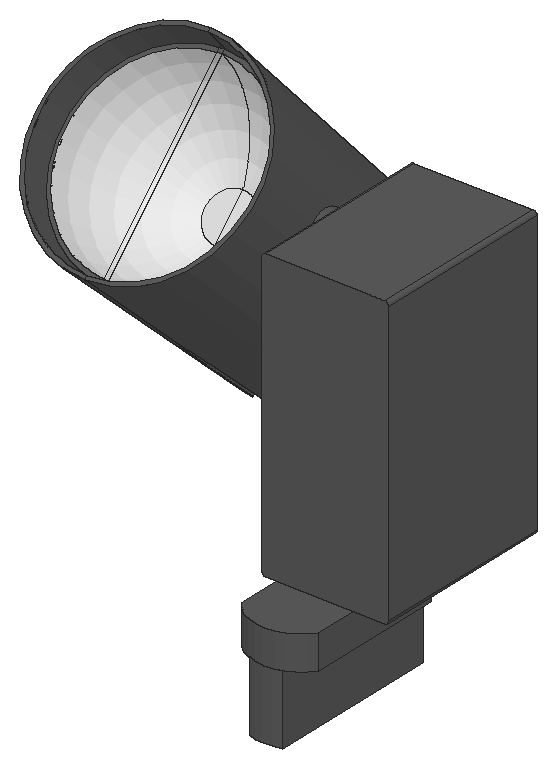
Revit family "0004900 Feilo Sylvania Lighting Fixture START TRACK SPOT S 24W 4K RA90 WB BLACK", category Lighting Fixtures, host Face, Revit 2017
Family settings
  Host = Face
  Round Connector Dimension = Use Diameter
  Part Type = Normal
  OmniClass Number = 23.80.70.00
  OmniClass Title = Lighting
  Cut with Voids When Loaded = No
  Light Source = No
  Shared = No
  Room Calculation Point = No
Parameters (values of type "0004900 START TRACK SPOT S 24W 4K RA90 WB BLACK")
  Weight = "0.966 kg"
  Wattage Comments = ""
  WarrantyStartDate [instance] = "n/a"
  WarrantyGuarantorParts = "n/a"
  WarrantyDurationUnit = "n/a"
  WarrantyDurationParts = "n/a"
  WarrantyDescription = "n/a"
  Voltage = 230 V
  URL = "http://www.sylvania-lighting.com"
  TypeName = "START TRACK SPOT S 24W 4K RA90 WB BLACK"
  TypeHead_FEILO = Start Track Spot Head : 0004900 START TRACK SPOT S 24W 4K RA90 WB BLACK
  TypeBox_FEILO = Start Track Spot Box : Type Small Black
  Type Image = <None>
  Type Comments = "n/a"
  VerticalRotation_FEILO [instance] = 0.00°
  SlideEndAngle_FEILO [instance] = VerticalRotation_FEILO + 180.00°  # 180.00°
  SerialNumber [instance] = "n/a"
  Material_3_FEILO = none
  PowerFactor = 0.95
  PowerConsumption = "24 W"
  NominalLength = 0 mm
  NominalHeight = 200 mm
  NominalDepth = 140 mm
  Name = "START TRACK SPOT S 24W 4K RA90 WB BLACK"
  ModelReference = Name  # "START TRACK SPOT S 24W 4K RA90 WB BLACK"
  ModelNumber = "0004900"
  Model = Name  # "START TRACK SPOT S 24W 4K RA90 WB BLACK"
  Material = "adc12 aluminium housing, polycarbonate diffuser"
  ManufacturerName = "Feilo Sylvania"
  Manufacturer = "Feilo Sylvania"
  LuminousEfficacy = "87 lm/W"
  LuminaireType = ""
  LightOutputRatio = "100"
  LampsType = Lamp  # "LED"
  LampNominalLuminous = "2087 lm"
  LampMacAdamStep = "3"
  LampColourTemperature = "4000 K"
  LampColourRenderingIndex = "90"
  Lamp = "LED"
  Keynote = "16500"
  InstallationDate [instance] = "n/a"
  InputVoltage = "230-240V~"
  InputNominalFrequency = "50/60 Hz"
  IngressProtection = "IP20"
  ImpactProtectionIndex = "IK02"
  IfcExportType = "IfcLightFixtureType"
  IfcExportAs = "IfcLightFixtureType"
  HorizontalRotation_FEILO [instance] = 45.00°
  ExpectedLife = 50000
  ElectricShockClassification = "Class II"
  DurationUnit = "hours"
  DocumentationLiterature = "http://www.sylvania-lighting.com/product/en-int/products/0004900"
  DimmingControlOptions = "Non dimmable"
  Material_2_FEILO = none
  Description = "Integrated LED spotlight, Textured Black - RAL9005, compact and minimalist design, ideal for retail applications, die-cast aluminium body, passive cooling heatsink. Beam angle: 64°, color temperature: 4000K , total system power: 24W, total fixture output: 2087 lm, LOR: 100%, colour rendering: Ra: 90 typical, LED Chromaticity: 3 step MacAdam ellipse, lifetime: >50000 hours at L70B50, energy class: A++, A+, A, IR/UV free light source without heat radiation, operating voltage: 220-240V / 50-60Hz, drive current: 600mA, electronic driver, non-dimmable, power factor: 0.95, electrical protection: Class II, Global Track 3 Phase adapter suitable for Global trac 3-circuit tracks, ingress protection rating: IP20, suitable for internal environment only, horizontal rotation: 355°, vertical tilt: 90°, dimensions: Ø86x140x200, weight: 0.966kg."
  Default Elevation = 1219.2 mm
  CreatedOn = "12/12/2017"
  CreatedBy = ""
  Cost = 0
  built-in parameter 1114216 [instance] = (empty or 0)
  ClassificationValue = "EF_70_80"
  ClassificationName = "Uniclass2015"
  Material_1_FEILO = Body-Sylvania-StartTrackSpot-Black
  BarCode [instance] = "n/a"
  AssetType = "Fixed"
  AssetIdentifier [instance] = "n/a"
  Assembly Code = "D5020200"
  Apparent Load = 24 VA
  Material_4_FEILO = none
Reference planes
  plane 1 "Center (Front/Back)": y = 0
  plane 2: z = 0
  plane 3 "Center (Left/Right)": x = 0
  plane 4: x = 15
  plane 5: x = -15
  plane 6: y = 35
  plane 7: y = -35
  plane 8: z = 13
  plane 9: z = -27
  plane 10: x = 6.5
  plane 11: x = -6.5
  plane 12: y = 27
  plane 13: y = -27
  plane 14: y = 20
Forms (mm)
  Extrusion 1, solid, material "Body-Sylvania-StartTrackSpot-Black" <- "Material_1_FEILO"
    sketch origin (0, 0, 0) x (1, 0, 0) y (0, 1, 0)
      loop
        line (-15, 27) -> (-15, -27)
        arc (-15, -27) -> (0, -35) -> (15, -27) r 18.062
        line (15, -27) -> (15, 27)
        arc (15, 27) -> (0, 35) -> (-15, 27) r 18.062
    from 0 to 13
  Extrusion 2, solid, material "Body-Sylvania-StartTrackSpot-Black" <- "Material_1_FEILO"
    sketch origin (0, 0, 0) x (1, 0, 0) y (0, 1, 0)
      loop
        arc (6.5, 33.79) -> (0, 35) -> (-6.5, 33.79) r 18.062
        line (-6.5, 33.79) -> (-6.5, -33.79)
        arc (-6.5, -33.79) -> (0, -35) -> (6.5, -33.79) r 18.062
        line (6.5, -33.79) -> (6.5, 33.79)
    from 0 to -27
  Revolve 3, solid, not visible
    sketch origin (1524, 20, 1219.2) x (1, 0, 0) y (0, 0, 1)
      loop
        line (-1524, -1206.2) -> (-1524, -1191.285) -> (-1530.5, -1191.285) -> (-1530.5, -1206.2) -> (-1524, -1206.2)
      axis (-1524, -1191.285) -> (-1524, -1206.2)
    angle from 0 <- "VerticalRotation_FEILO" to 180 <- "SlideEndAngle_FEILO"
Cuts and joins
  joined: Extrusion 1, Extrusion 2
Dimensions and locks
  equal spacing: plane 10, plane 3 "Center (Left/Right)", plane 11
  equal spacing: plane 4, plane 3 "Center (Left/Right)", plane 5
  locked: plane 8 to plane 2 at 13
  locked: plane 8 to plane 9 at 40
  equal spacing: plane 13, plane 1 "Center (Front/Back)", plane 12
  locked: plane 12 to plane 6 at 8
  locked: plane 14 to plane 6 at 15
  locked: Revolve 3 sketch curve to plane 8 at 14.915
  aligned and locked: plane 2 to host face
  aligned and locked: level to host face
  aligned and locked: plane 5 to Extrusion 1 sketch curve  (x2)
  aligned and locked: plane 12 to Extrusion 1 sketch curve
  aligned and locked: plane 13 to Extrusion 1 sketch curve
  aligned and locked: plane 4 to Extrusion 1 sketch curve
  aligned and locked: Extrusion 1 to plane 8
  aligned and locked: Extrusion 1 to level
  aligned and locked: Extrusion 2 sketch curve to Extrusion 1  (x2)
  aligned and locked: Extrusion 2 sketch curve to plane 11
  aligned and locked: plane 10 to Extrusion 2 sketch curve
  aligned and locked: plane 9 to Extrusion 2
  aligned and locked: level to Extrusion 2
  aligned and locked: Revolve 3 sketch curve to plane 3 "Center (Left/Right)"  (x2)
  aligned and locked: plane 11 to Revolve 3 sketch curve
  aligned and locked: Revolve 3 sketch curve to plane 8
Automatic sketch dimensions
  host sketch curve to host sketch curve = 2438.4 mm  (x2)
  Extrusion 1 sketch curve to plane 3 "Center (Left/Right)" = 0 mm  (x2)
  Extrusion 1 sketch curve to plane 13 = 10.062 mm
  plane 12 to Extrusion 1 sketch curve = 10.062 mm
  Revolve 3 sketch curve to plane 3 "Center (Left/Right)" = 0 mm
  plane 9 to Revolve 3 sketch curve = 582.6 mm
  Revolve 3 sketch curve to Revolve 3 sketch curve = 2581.144 mm
Nested families
  nested 1: "Start Track Spot Head" at (-62, 20, 112.529) x (0, 0.7071, 0.7071) z (0, 0.7071, -0.7071), type <- "TypeHead_FEILO", type "0004900 START TRACK SPOT S 24W 4K RA90 WB BLACK"
    with built-in parameter 1114216 (empty or 0)
  nested 2: "Start Track Spot Box" at (8.5, 20, 73) x (-1, 0, 0) z (0, -1, 0), BoxStartAngle_FEILO <- "HorizontalRotation_FEILO", type <- "TypeBox_FEILO", type "Type Small Black"
    with BoxStartAngle_FEILO 45.00°, BoxEndAngle_FEILO -135.00°
Connectors
  electrical at (0, 0, 0), driven by "Apparent Load", driven by "PowerFactor", driven by "Voltage"
    settings: index 1, voltage 230 V, apparent load 24 VA, apparent load phase1 0 VA, apparent load phase2 0 VA, apparent load phase3 0 VA, power factor 0.95, load classification "Lighting", number of poles 1, system type 30, power factor state 1, is connector primary yes, connector utility no, sub classification motor no, connector description ""
Definition of nested family "Start Track Spot Head"
  Parameters (values of type "0004811 START TRACK SPOT S 14W 3K RA80 NB WHITE")
    Wattage Comments = "n/a"
    Wattage = 14 W
    built-in parameter 1150110 = 1 (stored number, unit not read)
    URL = "http://www.feilosylvania.com"
    Type Image = (empty or 0)
    Type Comments = "n/a"
    built-in parameter 1114217 = 1 (stored number, unit not read)
    Tilt Angle = -90.00°
    built-in parameter 1150109 = 1 (stored number, unit not read)
    built-in parameter 1150134 = (empty or 0)
    built-in parameter 1150113 = 1 (stored number, unit not read)
    Photometric Web File = "0004811.ies"
    Material_3_FEILO = none
    Model = "START TRACK SPOT S 14W 3K RA80 NB WHITE"
    Manufacturer = "Feilo Sylvania"
    built-in parameter 1150105 = 123.66 (stored number, unit not read)
    Lumens = 1554 lm
    built-in parameter 1150115 = 1 (stored number, unit not read)
    built-in parameter 1150137 = (empty or 0)
    built-in parameter 1150139 = (empty or 0)
    built-in parameter 1150112 = 1 (stored number, unit not read)
    built-in parameter 1150114 = 1 (stored number, unit not read)
    Lamp = "LED"
    Keynote = "16500"
    Material_2_FEILO = none
    built-in parameter 1150132 = (empty or 0)
    built-in parameter 1150102 = (empty or 0)
    built-in parameter 1150107 = 3000 (stored number, unit not read)
    built-in parameter 1150138 = (empty or 0)
    built-in parameter 1150106 = 1.2366 (stored number, unit not read)
    HeadThickness_FEILO = if(HeadDiaOut_FEILO > 112 mm, 2 mm, 1.5 mm)  # 1.5 mm
    HeadRibOffset_FEILO = HeadHeight_FEILO / 28  # 4.179 mm
    HeadRibDepth_FEILO = HeadHeight_FEILO / 2.1  # 55.714 mm
    HeadRibCutWidth_FEILO = HeadDiaOut_FEILO / 12  # 7.167 mm
    HeadRibCutOffset_FEILO = HeadHeight_FEILO / 2.3  # 50.87 mm
    HeadReflectorRadius_FEILO = HeadDiaOut_FEILO / 1.7  # 50.588 mm
    HeadReflectorOffset_FEILO = HeadHeight_FEILO / 2.1  # 55.714 mm
    HeadLEDRadius_FEILO = HeadDiaOut_FEILO / 9  # 9.556 mm
    HeadHeight_FEILO = 117 mm
    HeadDraft_FEILO = 1 mm
    HeadDiffusorThickness_FEILO = 3 mm
    HeadDiffusorOffset_FEILO = HeadHeight_FEILO / 12.4  # 9.435 mm
    HeadDiaOut_FEILO = 86 mm
    HeadDiaIn_FEILO = HeadDiaOut_FEILO / 1.11  # 77.477 mm
    HeadAxisFromTop_FEILO = HeadHeight_FEILO / 1.687  # 69.354 mm
    Emit from Circle Diameter = HeadDiaIn_FEILO  # 77.477 mm
    Emit Shape Visible in Rendering = no
    built-in parameter 1150104 = 10.312 (stored number, unit not read)
    Dimming Lamp Color Temperature Shift = (empty or 0)
    Description = "Integrated LED spotlight, Textured White - RAL9016, compact and minimalist design, ideal for retail applications, die-cast aluminium body, passive cooling heatsink. Beam angle: 12°, color temperature: 3000K , total system power: 14W, total fixture output: 1551 lm, LOR: 100%, colour rendering: Ra: 80 typical, LED Chromaticity: 3 step MacAdam ellipse, lifetime: >50000 hours at L70B50, energy class: A++, A+, A, IR/UV free light source without heat radiation, operating voltage: 220-240V / 50-60Hz, drive current: 350mA, electronic driver, non-dimmable, power factor: 0.92, electrical protection: Class II, Global Track 3 Phase adapter suitable for Global trac 3-circuit tracks, ingress protection rating: IP20, suitable for internal environment only, horizontal rotation: 355°, vertical tilt: 90°, dimensions: Ø86x140x200, weight: 0.940kg."
    Default Elevation = 1219.2 mm
    Cost = 0
    Color Filter = 16777215
    built-in parameter 1114216 [instance] = (empty or 0)
    Material_1_FEILO = none
    built-in parameter 1114218 = 1 (stored number, unit not read)
    built-in parameter 1150133 = 10 (stored number, unit not read)
    Assembly Code = "D5020200"
    Apparent Load = 14 VA
    Material_4_FEILO = none
  Types (96, lengths in mm): name | Wattage | built-in parameter 1150134 | Photometric Web File | Model | built-in parameter 1150105 | Lumens | built-in parameter 1150107 | built-in parameter 1150106 | HeadThickness_FEILO | HeadRibOffset_FEILO | HeadRibDepth_FEILO | HeadRibCutWidth_FEILO | HeadRibCutOffset_FEILO | HeadReflectorRadius_FEILO | HeadReflectorOffset_FEILO | HeadLEDRadius_FEILO | HeadHeight_FEILO | HeadDiffusorOffset_FEILO | HeadDiaOut_FEILO | HeadDiaIn_FEILO | HeadAxisFromTop_FEILO | Emit from Circle Diameter | built-in parameter 1150104 | Description | Apparent Load
    0004906 START TRACK SPOT L 55W 4K RA90 WB BLACK | 55 W | 12 | "0004906.ies" | "START TRACK SPOT L 55W 4K RA90 WB BLACK" | 385.15 (stored number, unit not read) | 4840 lm | 4000 (stored number, unit not read) | 3.8515 (stored number, unit not read) | 2 | 4.429 | 59.048 | 9.417 | 53.913 | 66.471 | 59.048 | 12.556 | 124 | 10 | 113 | 101.802 | 73.503 | 101.802 | 8.1755 (stored number, unit not read) | "Integrated LED spotlight, Textured Black - RAL9005, compact and minimalist design, ideal for retail applications, die-cast aluminium body, passive cooling heatsink. Beam angle: 52°, color temperature: 4000K , total system power: 55W, total fixture output: 4824 lm, LOR: 100%, colour rendering: Ra: 90 typical, LED Chromaticity: 3 step MacAdam ellipse, lifetime: >50000 hours at L70B50, energy class: A++, A+, A, IR/UV free light source without heat radiation, operating voltage: 220-240V / 50-60Hz, drive current: 1400mA, electronic driver, non-dimmable, power factor: 0.96, electrical protection: Class II, Global Track 3 Phase adapter suitable for Global trac 3-circuit tracks, ingress protection rating: IP20, suitable for internal environment only, horizontal rotation: 355°, vertical tilt: 90°, dimensions: Ø113x164x240, weight: 1.398kg." | 55 VA
    0004905 START TRACK SPOT L 55W 4K RA90 MB BLACK | 55 W | 12 | "0004905.ies" | "START TRACK SPOT L 55W 4K RA90 MB BLACK" | 389.53 (stored number, unit not read) | 4895 lm | 4000 (stored number, unit not read) | 3.8953 (stored number, unit not read) | 2 | 4.429 | 59.048 | 9.417 | 53.913 | 66.471 | 59.048 | 12.556 | 124 | 10 | 113 | 101.802 | 73.503 | 101.802 | 8.2684 (stored number, unit not read) | "Integrated LED spotlight, Textured Black - RAL9005, compact and minimalist design, ideal for retail applications, die-cast aluminium body, passive cooling heatsink. Beam angle: 38°, color temperature: 4000K , total system power: 55W, total fixture output: 4897 lm, LOR: 100%, colour rendering: Ra: 90 typical, LED Chromaticity: 3 step MacAdam ellipse, lifetime: >50000 hours at L70B50, energy class: A++, A+, A, IR/UV free light source without heat radiation, operating voltage: 220-240V / 50-60Hz, drive current: 1400mA, electronic driver, non-dimmable, power factor: 0.96, electrical protection: Class II, Global Track 3 Phase adapter suitable for Global trac 3-circuit tracks, ingress protection rating: IP20, suitable for internal environment only, horizontal rotation: 355°, vertical tilt: 90°, dimensions: Ø113x164x240, weight: 1.398kg." | 55 VA
    0004904 START TRACK SPOT L 55W 4K RA90 NB BLACK | 55 W | 12 | "0004904.ies" | "START TRACK SPOT L 55W 4K RA90 NB BLACK" | 393.91 (stored number, unit not read) | 4950 lm | 4000 (stored number, unit not read) | 3.9391 (stored number, unit not read) | 2 | 4.429 | 59.048 | 9.417 | 53.913 | 66.471 | 59.048 | 12.556 | 124 | 10 | 113 | 101.802 | 73.503 | 101.802 | 8.3613 (stored number, unit not read) | "Integrated LED spotlight, Textured Black - RAL9005, compact and minimalist design, ideal for retail applications, die-cast aluminium body, passive cooling heatsink. Beam angle: 15°, color temperature: 4000K , total system power: 55W, total fixture output: 4965 lm, LOR: 100%, colour rendering: Ra: 90 typical, LED Chromaticity: 3 step MacAdam ellipse, lifetime: >50000 hours at L70B50, energy class: A++, A+, A, IR/UV free light source without heat radiation, operating voltage: 220-240V / 50-60Hz, drive current: 1400mA, electronic driver, non-dimmable, power factor: 0.96, electrical protection: Class II, Global Track 3 Phase adapter suitable for Global trac 3-circuit tracks, ingress protection rating: IP20, suitable for internal environment only, horizontal rotation: 355°, vertical tilt: 90°, dimensions: Ø113x164x240, weight: 1.398kg." | 55 VA
    0004903 START TRACK SPOT L 35W 4K RA90 WB BLACK | 35 W | 12 | "0004903.ies" | "START TRACK SPOT L 35W 4K RA90 WB BLACK" | 284.09 (stored number, unit not read) | 3570 lm | 4000 (stored number, unit not read) | 2.8409 (stored number, unit not read) | 2 | 4.429 | 59.048 | 9.417 | 53.913 | 66.471 | 59.048 | 12.556 | 124 | 10 | 113 | 101.802 | 73.503 | 101.802 | 9.4761 (stored number, unit not read) | "Integrated LED spotlight, Textured Black - RAL9005, compact and minimalist design, ideal for retail applications, die-cast aluminium body, passive cooling heatsink. Beam angle: 52°, color temperature: 4000K , total system power: 35W, total fixture output: 3562 lm, LOR: 100%, colour rendering: Ra: 90 typical, LED Chromaticity: 3 step MacAdam ellipse, lifetime: >50000 hours at L70B50, energy class: A++, A+, A, IR/UV free light source without heat radiation, operating voltage: 220-240V / 50-60Hz, drive current: 900mA, electronic driver, non-dimmable, power factor: 0.93, electrical protection: Class II, Global Track 3 Phase adapter suitable for Global trac 3-circuit tracks, ingress protection rating: IP20, suitable for internal environment only, horizontal rotation: 355°, vertical tilt: 90°, dimensions: Ø113x164x240, weight: 1.368kg." | 35 VA
    0004902 START TRACK SPOT L 35W 4K RA90 MB BLACK | 35 W | 12 | "0004902.ies" | "START TRACK SPOT L 35W 4K RA90 MB BLACK" | 286.88 (stored number, unit not read) | 3605 lm | 4000 (stored number, unit not read) | 2.8688 (stored number, unit not read) | 2 | 4.429 | 59.048 | 9.417 | 53.913 | 66.471 | 59.048 | 12.556 | 124 | 10 | 113 | 101.802 | 73.503 | 101.802 | 9.569 (stored number, unit not read) | "Integrated LED spotlight, Textured Black - RAL9005, compact and minimalist design, ideal for retail applications, die-cast aluminium body, passive cooling heatsink. Beam angle: 38°, color temperature: 4000K , total system power: 35W, total fixture output: 3616 lm, LOR: 100%, colour rendering: Ra: 90 typical, LED Chromaticity: 3 step MacAdam ellipse, lifetime: >50000 hours at L70B50, energy class: A++, A+, A, IR/UV free light source without heat radiation, operating voltage: 220-240V / 50-60Hz, drive current: 900mA, electronic driver, non-dimmable, power factor: 0.93, electrical protection: Class II, Global Track 3 Phase adapter suitable for Global trac 3-circuit tracks, ingress protection rating: IP20, suitable for internal environment only, horizontal rotation: 355°, vertical tilt: 90°, dimensions: Ø113x164x240, weight: 1.368kg." | 35 VA
    0004901 START TRACK SPOT L 35W 4K RA90 NB BLACK | 35 W | 12 | "0004901.ies" | "START TRACK SPOT L 35W 4K RA90 NB BLACK" | 286.88 (stored number, unit not read) | 3605 lm | 4000 (stored number, unit not read) | 2.8688 (stored number, unit not read) | 2 | 4.429 | 59.048 | 9.417 | 53.913 | 66.471 | 59.048 | 12.556 | 124 | 10 | 113 | 101.802 | 73.503 | 101.802 | 9.569 (stored number, unit not read) | "Integrated LED spotlight, Textured Black - RAL9005, compact and minimalist design, ideal for retail applications, die-cast aluminium body, passive cooling heatsink. Beam angle: 15°, color temperature: 4000K , total system power: 35W, total fixture output: 3593 lm, LOR: 100%, colour rendering: Ra: 90 typical, LED Chromaticity: 3 step MacAdam ellipse, lifetime: >50000 hours at L70B50, energy class: A++, A+, A, IR/UV free light source without heat radiation, operating voltage: 220-240V / 50-60Hz, drive current: 900mA, electronic driver, non-dimmable, power factor: 0.93, electrical protection: Class II, Global Track 3 Phase adapter suitable for Global trac 3-circuit tracks, ingress protection rating: IP20, suitable for internal environment only, horizontal rotation: 355°, vertical tilt: 90°, dimensions: Ø113x164x240, weight: 1.368kg." | 35 VA
    0004900 START TRACK SPOT S 24W 4K RA90 WB BLACK | 24 W | 12 | "0004900.ies" | "START TRACK SPOT S 24W 4K RA90 WB BLACK" | 166.16 (stored number, unit not read) | 2088 lm | 4000 (stored number, unit not read) | 1.6616 (stored number, unit not read) | 1.5 | 4.179 | 55.714 | 7.167 | 50.87 | 50.588 | 55.714 | 9.556 | 117 | 9.435 | 86 | 77.477 | 69.354 | 77.477 | 8.0826 (stored number, unit not read) | "Integrated LED spotlight, Textured Black - RAL9005, compact and minimalist design, ideal for retail applications, die-cast aluminium body, passive cooling heatsink. Beam angle: 64°, color temperature: 4000K , total system power: 24W, total fixture output: 2087 lm, LOR: 100%, colour rendering: Ra: 90 typical, LED Chromaticity: 3 step MacAdam ellipse, lifetime: >50000 hours at L70B50, energy class: A++, A+, A, IR/UV free light source without heat radiation, operating voltage: 220-240V / 50-60Hz, drive current: 600mA, electronic driver, non-dimmable, power factor: 0.95, electrical protection: Class II, Global Track 3 Phase adapter suitable for Global trac 3-circuit tracks, ingress protection rating: IP20, suitable for internal environment only, horizontal rotation: 355°, vertical tilt: 90°, dimensions: Ø86x140x200, weight: 0.966kg." | 24 VA
    0004899 START TRACK SPOT S 24W 4K RA90 MB BLACK | 24 W | 12 | "0004899.ies" | "START TRACK SPOT S 24W 4K RA90 MB BLACK" | 169.98 (stored number, unit not read) | 2136 lm | 4000 (stored number, unit not read) | 1.6998 (stored number, unit not read) | 1.5 | 4.179 | 55.714 | 7.167 | 50.87 | 50.588 | 55.714 | 9.556 | 117 | 9.435 | 86 | 77.477 | 69.354 | 77.477 | 8.2684 (stored number, unit not read) | "Integrated LED spotlight, Textured Black - RAL9005, compact and minimalist design, ideal for retail applications, die-cast aluminium body, passive cooling heatsink. Beam angle: 36°, color temperature: 4000K , total system power: 24W, total fixture output: 2141 lm, LOR: 100%, colour rendering: Ra: 90 typical, LED Chromaticity: 3 step MacAdam ellipse, lifetime: >50000 hours at L70B50, energy class: A++, A+, A, IR/UV free light source without heat radiation, operating voltage: 220-240V / 50-60Hz, drive current: 600mA, electronic driver, non-dimmable, power factor: 0.95, electrical protection: Class II, Global Track 3 Phase adapter suitable for Global trac 3-circuit tracks, ingress protection rating: IP20, suitable for internal environment only, horizontal rotation: 355°, vertical tilt: 90°, dimensions: Ø86x140x200, weight: 0.966kg." | 24 VA
    0004898 START TRACK SPOT S 24W 4K RA90 NB BLACK | 24 W | 12 | "0004898.ies" | "START TRACK SPOT S 24W 4K RA90 NB BLACK" | 171.89 (stored number, unit not read) | 2160 lm | 4000 (stored number, unit not read) | 1.7189 (stored number, unit not read) | 1.5 | 4.179 | 55.714 | 7.167 | 50.87 | 50.588 | 55.714 | 9.556 | 117 | 9.435 | 86 | 77.477 | 69.354 | 77.477 | 8.3613 (stored number, unit not read) | "Integrated LED spotlight, Textured Black - RAL9005, compact and minimalist design, ideal for retail applications, die-cast aluminium body, passive cooling heatsink. Beam angle: 12°, color temperature: 4000K , total system power: 24W, total fixture output: 2155 lm, LOR: 100%, colour rendering: Ra: 90 typical, LED Chromaticity: 3 step MacAdam ellipse, lifetime: >50000 hours at L70B50, energy class: A++, A+, A, IR/UV free light source without heat radiation, operating voltage: 220-240V / 50-60Hz, drive current: 600mA, electronic driver, non-dimmable, power factor: 0.95, electrical protection: Class II, Global Track 3 Phase adapter suitable for Global trac 3-circuit tracks, ingress protection rating: IP20, suitable for internal environment only, horizontal rotation: 355°, vertical tilt: 90°, dimensions: Ø86x140x200, weight: 0.966kg." | 24 VA
    0004897 START TRACK SPOT S 14W 4K RA90 WB BLACK | 14 W | 12 | "0004897.ies" | "START TRACK SPOT S 14W 4K RA90 WB BLACK" | 108.07 (stored number, unit not read) | 1358 lm | 4000 (stored number, unit not read) | 1.0807 (stored number, unit not read) | 1.5 | 4.179 | 55.714 | 7.167 | 50.87 | 50.588 | 55.714 | 9.556 | 117 | 9.435 | 86 | 77.477 | 69.354 | 77.477 | 9.0116 (stored number, unit not read) | "Integrated LED spotlight, Textured Black - RAL9005, compact and minimalist design, ideal for retail applications, die-cast aluminium body, passive cooling heatsink. Beam angle: 64°, color temperature: 4000K , total system power: 14W, total fixture output: 1352 lm, LOR: 100%, colour rendering: Ra: 90 typical, LED Chromaticity: 3 step MacAdam ellipse, lifetime: >50000 hours at L70B50, energy class: A++, A+, A, IR/UV free light source without heat radiation, operating voltage: 220-240V / 50-60Hz, drive current: 350mA, electronic driver, non-dimmable, power factor: 0.92, electrical protection: Class II, Global Track 3 Phase adapter suitable for Global trac 3-circuit tracks, ingress protection rating: IP20, suitable for internal environment only, horizontal rotation: 355°, vertical tilt: 90°, dimensions: Ø86x140x200, weight: 0.940kg." | 14 VA
    0004896 START TRACK SPOT S 14W 4K RA90 MB BLACK | 14 W | 12 | "0004896.ies" | "START TRACK SPOT S 14W 4K RA90 MB BLACK" | 108.07 (stored number, unit not read) | 1358 lm | 4000 (stored number, unit not read) | 1.0807 (stored number, unit not read) | 1.5 | 4.179 | 55.714 | 7.167 | 50.87 | 50.588 | 55.714 | 9.556 | 117 | 9.435 | 86 | 77.477 | 69.354 | 77.477 | 9.0116 (stored number, unit not read) | "Integrated LED spotlight, Textured Black - RAL9005, compact and minimalist design, ideal for retail applications, die-cast aluminium body, passive cooling heatsink. Beam angle: 36°, color temperature: 4000K , total system power: 14W, total fixture output: 1359 lm, LOR: 100%, colour rendering: Ra: 90 typical, LED Chromaticity: 3 step MacAdam ellipse, lifetime: >50000 hours at L70B50, energy class: A++, A+, A, IR/UV free light source without heat radiation, operating voltage: 220-240V / 50-60Hz, drive current: 350mA, electronic driver, non-dimmable, power factor: 0.92, electrical protection: Class II, Global Track 3 Phase adapter suitable for Global trac 3-circuit tracks, ingress protection rating: IP20, suitable for internal environment only, horizontal rotation: 355°, vertical tilt: 90°, dimensions: Ø86x140x200, weight: 0.940kg." | 14 VA
    0004895 START TRACK SPOT S 14W 4K RA90 NB BLACK | 14 W | 12 | "0004895.ies" | "START TRACK SPOT S 14W 4K RA90 NB BLACK" | 106.95 (stored number, unit not read) | 1344 lm | 4000 (stored number, unit not read) | 1.0695 (stored number, unit not read) | 1.5 | 4.179 | 55.714 | 7.167 | 50.87 | 50.588 | 55.714 | 9.556 | 117 | 9.435 | 86 | 77.477 | 69.354 | 77.477 | 8.9187 (stored number, unit not read) | "Integrated LED spotlight, Textured Black - RAL9005, compact and minimalist design, ideal for retail applications, die-cast aluminium body, passive cooling heatsink. Beam angle: 12°, color temperature: 4000K , total system power: 14W, total fixture output: 1349 lm, LOR: 100%, colour rendering: Ra: 90 typical, LED Chromaticity: 3 step MacAdam ellipse, lifetime: >50000 hours at L70B50, energy class: A++, A+, A, IR/UV free light source without heat radiation, operating voltage: 220-240V / 50-60Hz, drive current: 350mA, electronic driver, non-dimmable, power factor: 0.92, electrical protection: Class II, Global Track 3 Phase adapter suitable for Global trac 3-circuit tracks, ingress protection rating: IP20, suitable for internal environment only, horizontal rotation: 355°, vertical tilt: 90°, dimensions: Ø86x140x200, weight: 0.940kg." | 14 VA
    0004894 START TRACK SPOT L 55W 3K RA90 WB BLACK | 55 W | (empty or 0) | "0004894.ies" | "START TRACK SPOT L 55W 3K RA90 WB BLACK" | 350.14 (stored number, unit not read) | 4400 lm | 3000 (stored number, unit not read) | 3.5014 (stored number, unit not read) | 2 | 4.429 | 59.048 | 9.417 | 53.913 | 66.471 | 59.048 | 12.556 | 124 | 10 | 113 | 101.802 | 73.503 | 101.802 | 7.4322 (stored number, unit not read) | "Integrated LED spotlight, Textured Black - RAL9005, compact and minimalist design, ideal for retail applications, die-cast aluminium body, passive cooling heatsink. Beam angle: 52°, color temperature: 3000K , total system power: 55W, total fixture output: 4405 lm, LOR: 100%, colour rendering: Ra: 90 typical, LED Chromaticity: 3 step MacAdam ellipse, lifetime: >50000 hours at L70B50, energy class: A++, A+, A, IR/UV free light source without heat radiation, operating voltage: 220-240V / 50-60Hz, drive current: 1400mA, electronic driver, non-dimmable, power factor: 0.96, electrical protection: Class II, Global Track 3 Phase adapter suitable for Global trac 3-circuit tracks, ingress protection rating: IP20, suitable for internal environment only, horizontal rotation: 355°, vertical tilt: 90°, dimensions: Ø113x164x240, weight: 1.398kg." | 55 VA
    0004893 START TRACK SPOT L 55W 3K RA90 MB BLACK | 55 W | (empty or 0) | "0004893.ies" | "START TRACK SPOT L 55W 3K RA90 MB BLACK" | 354.52 (stored number, unit not read) | 4455 lm | 3000 (stored number, unit not read) | 3.5452 (stored number, unit not read) | 2 | 4.429 | 59.048 | 9.417 | 53.913 | 66.471 | 59.048 | 12.556 | 124 | 10 | 113 | 101.802 | 73.503 | 101.802 | 7.5251 (stored number, unit not read) | "Integrated LED spotlight, Textured Black - RAL9005, compact and minimalist design, ideal for retail applications, die-cast aluminium body, passive cooling heatsink. Beam angle: 38°, color temperature: 3000K , total system power: 55W, total fixture output: 4448 lm, LOR: 100%, colour rendering: Ra: 90 typical, LED Chromaticity: 3 step MacAdam ellipse, lifetime: >50000 hours at L70B50, energy class: A++, A+, A, IR/UV free light source without heat radiation, operating voltage: 220-240V / 50-60Hz, drive current: 1400mA, electronic driver, non-dimmable, power factor: 0.96, electrical protection: Class II, Global Track 3 Phase adapter suitable for Global trac 3-circuit tracks, ingress protection rating: IP20, suitable for internal environment only, horizontal rotation: 355°, vertical tilt: 90°, dimensions: Ø113x164x240, weight: 1.398kg." | 55 VA
    0004892 START TRACK SPOT L 55W 3K RA90 NB BLACK | 55 W | (empty or 0) | "0004892.ies" | "START TRACK SPOT L 55W 3K RA90 NB BLACK" | 350.14 (stored number, unit not read) | 4400 lm | 3000 (stored number, unit not read) | 3.5014 (stored number, unit not read) | 2 | 4.429 | 59.048 | 9.417 | 53.913 | 66.471 | 59.048 | 12.556 | 124 | 10 | 113 | 101.802 | 73.503 | 101.802 | 7.4322 (stored number, unit not read) | "Integrated LED spotlight, Textured Black - RAL9005, compact and minimalist design, ideal for retail applications, die-cast aluminium body, passive cooling heatsink. Beam angle: 15°, color temperature: 3000K , total system power: 55W, total fixture output: 4416 lm, LOR: 100%, colour rendering: Ra: 90 typical, LED Chromaticity: 3 step MacAdam ellipse, lifetime: >50000 hours at L70B50, energy class: A++, A+, A, IR/UV free light source without heat radiation, operating voltage: 220-240V / 50-60Hz, drive current: 1400mA, electronic driver, non-dimmable, power factor: 0.96, electrical protection: Class II, Global Track 3 Phase adapter suitable for Global trac 3-circuit tracks, ingress protection rating: IP20, suitable for internal environment only, horizontal rotation: 355°, vertical tilt: 90°, dimensions: Ø113x164x240, weight: 1.398kg." | 55 VA
    0004891 START TRACK SPOT L 35W 3K RA90 WB BLACK | 35 W | (empty or 0) | "0004891.ies" | "START TRACK SPOT L 35W 3K RA90 WB BLACK" | 259.02 (stored number, unit not read) | 3255 lm | 3000 (stored number, unit not read) | 2.5902 (stored number, unit not read) | 2 | 4.429 | 59.048 | 9.417 | 53.913 | 66.471 | 59.048 | 12.556 | 124 | 10 | 113 | 101.802 | 73.503 | 101.802 | 8.64 (stored number, unit not read) | "Integrated LED spotlight, Textured Black - RAL9005, compact and minimalist design, ideal for retail applications, die-cast aluminium body, passive cooling heatsink. Beam angle: 52°, color temperature: 3000K , total system power: 35W, total fixture output: 3260 lm, LOR: 100%, colour rendering: Ra: 90 typical, LED Chromaticity: 3 step MacAdam ellipse, lifetime: >50000 hours at L70B50, energy class: A++, A+, A, IR/UV free light source without heat radiation, operating voltage: 220-240V / 50-60Hz, drive current: 900mA, electronic driver, non-dimmable, power factor: 0.93, electrical protection: Class II, Global Track 3 Phase adapter suitable for Global trac 3-circuit tracks, ingress protection rating: IP20, suitable for internal environment only, horizontal rotation: 355°, vertical tilt: 90°, dimensions: Ø113x164x240, weight: 1.368kg." | 35 VA
    0004890 START TRACK SPOT L 35W 3K RA90 MB BLACK | 35 W | (empty or 0) | "0004890.ies" | "START TRACK SPOT L 35W 3K RA90 MB BLACK" | 261.81 (stored number, unit not read) | 3290 lm | 3000 (stored number, unit not read) | 2.6181 (stored number, unit not read) | 2 | 4.429 | 59.048 | 9.417 | 53.913 | 66.471 | 59.048 | 12.556 | 124 | 10 | 113 | 101.802 | 73.503 | 101.802 | 8.7329 (stored number, unit not read) | "Integrated LED spotlight, Textured Black - RAL9005, compact and minimalist design, ideal for retail applications, die-cast aluminium body, passive cooling heatsink. Beam angle: 38°, color temperature: 3000K , total system power: 35W, total fixture output: 3306 lm, LOR: 100%, colour rendering: Ra: 90 typical, LED Chromaticity: 3 step MacAdam ellipse, lifetime: >50000 hours at L70B50, energy class: A++, A+, A, IR/UV free light source without heat radiation, operating voltage: 220-240V / 50-60Hz, drive current: 900mA, electronic driver, non-dimmable, power factor: 0.93, electrical protection: Class II, Global Track 3 Phase adapter suitable for Global trac 3-circuit tracks, ingress protection rating: IP20, suitable for internal environment only, horizontal rotation: 355°, vertical tilt: 90°, dimensions: Ø113x164x240, weight: 1.368kg." | 35 VA
    0004889 START TRACK SPOT L 35W 3K RA90 NB BLACK | 35 W | (empty or 0) | "0004889.ies" | "START TRACK SPOT L 35W 3K RA90 NB BLACK" | 261.81 (stored number, unit not read) | 3290 lm | 3000 (stored number, unit not read) | 2.6181 (stored number, unit not read) | 2 | 4.429 | 59.048 | 9.417 | 53.913 | 66.471 | 59.048 | 12.556 | 124 | 10 | 113 | 101.802 | 73.503 | 101.802 | 8.7329 (stored number, unit not read) | "Integrated LED spotlight, Textured Black - RAL9005, compact and minimalist design, ideal for retail applications, die-cast aluminium body, passive cooling heatsink. Beam angle: 15°, color temperature: 3000K , total system power: 35W, total fixture output: 3287 lm, LOR: 100%, colour rendering: Ra: 90 typical, LED Chromaticity: 3 step MacAdam ellipse, lifetime: >50000 hours at L70B50, energy class: A++, A+, A, IR/UV free light source without heat radiation, operating voltage: 220-240V / 50-60Hz, drive current: 900mA, electronic driver, non-dimmable, power factor: 0.93, electrical protection: Class II, Global Track 3 Phase adapter suitable for Global trac 3-circuit tracks, ingress protection rating: IP20, suitable for internal environment only, horizontal rotation: 355°, vertical tilt: 90°, dimensions: Ø113x164x240, weight: 1.368kg." | 35 VA
    0004888 START TRACK SPOT S 24W 3K RA90 WB BLACK | 24 W | (empty or 0) | "0004888.ies" | "START TRACK SPOT S 24W 3K RA90 WB BLACK" | 152.79 (stored number, unit not read) | 1920 lm | 3000 (stored number, unit not read) | 1.5279 (stored number, unit not read) | 1.5 | 4.179 | 55.714 | 7.167 | 50.87 | 50.588 | 55.714 | 9.556 | 117 | 9.435 | 86 | 77.477 | 69.354 | 77.477 | 7.4322 (stored number, unit not read) | "Integrated LED spotlight, Textured Black - RAL9005, compact and minimalist design, ideal for retail applications, die-cast aluminium body, passive cooling heatsink. Beam angle: 64°, color temperature: 3000K , total system power: 24W, total fixture output: 1928 lm, LOR: 100%, colour rendering: Ra: 90 typical, LED Chromaticity: 3 step MacAdam ellipse, lifetime: >50000 hours at L70B50, energy class: A++, A+, A, IR/UV free light source without heat radiation, operating voltage: 220-240V / 50-60Hz, drive current: 600mA, electronic driver, non-dimmable, power factor: 0.95, electrical protection: Class II, Global Track 3 Phase adapter suitable for Global trac 3-circuit tracks, ingress protection rating: IP20, suitable for internal environment only, horizontal rotation: 355°, vertical tilt: 90°, dimensions: Ø86x140x200, weight: 0.966kg." | 24 VA
    0004887 START TRACK SPOT S 24W 3K RA90 MB BLACK | 24 W | (empty or 0) | "0004887.ies" | "START TRACK SPOT S 24W 3K RA90 MB BLACK" | 154.7 (stored number, unit not read) | 1944 lm | 3000 (stored number, unit not read) | 1.547 (stored number, unit not read) | 1.5 | 4.179 | 55.714 | 7.167 | 50.87 | 50.588 | 55.714 | 9.556 | 117 | 9.435 | 86 | 77.477 | 69.354 | 77.477 | 7.5251 (stored number, unit not read) | "Integrated LED spotlight, Textured Black - RAL9005, compact and minimalist design, ideal for retail applications, die-cast aluminium body, passive cooling heatsink. Beam angle: 36°, color temperature: 3000K , total system power: 24W, total fixture output: 1944 lm, LOR: 100%, colour rendering: Ra: 90 typical, LED Chromaticity: 3 step MacAdam ellipse, lifetime: >50000 hours at L70B50, energy class: A++, A+, A, IR/UV free light source without heat radiation, operating voltage: 220-240V / 50-60Hz, drive current: 600mA, electronic driver, non-dimmable, power factor: 0.95, electrical protection: Class II, Global Track 3 Phase adapter suitable for Global trac 3-circuit tracks, ingress protection rating: IP20, suitable for internal environment only, horizontal rotation: 355°, vertical tilt: 90°, dimensions: Ø86x140x200, weight: 0.966kg." | 24 VA
    0004886 START TRACK SPOT S 24W 3K RA90 NB BLACK | 24 W | (empty or 0) | "0004886.ies" | "START TRACK SPOT S 24W 3K RA90 NB BLACK" | 158.52 (stored number, unit not read) | 1992 lm | 3000 (stored number, unit not read) | 1.5852 (stored number, unit not read) | 1.5 | 4.179 | 55.714 | 7.167 | 50.87 | 50.588 | 55.714 | 9.556 | 117 | 9.435 | 86 | 77.477 | 69.354 | 77.477 | 7.711 (stored number, unit not read) | "Integrated LED spotlight, Textured Black - RAL9005, compact and minimalist design, ideal for retail applications, die-cast aluminium body, passive cooling heatsink. Beam angle: 12°, color temperature: 3000K , total system power: 24W, total fixture output: 1987 lm, LOR: 100%, colour rendering: Ra: 90 typical, LED Chromaticity: 3 step MacAdam ellipse, lifetime: >50000 hours at L70B50, energy class: A++, A+, A, IR/UV free light source without heat radiation, operating voltage: 220-240V / 50-60Hz, drive current: 600mA, electronic driver, non-dimmable, power factor: 0.95, electrical protection: Class II, Global Track 3 Phase adapter suitable for Global trac 3-circuit tracks, ingress protection rating: IP20, suitable for internal environment only, horizontal rotation: 355°, vertical tilt: 90°, dimensions: Ø86x140x200, weight: 0.966kg." | 24 VA
    0004885 START TRACK SPOT S 14W 3K RA90 WB BLACK | 14 W | (empty or 0) | "0004885.ies" | "START TRACK SPOT S 14W 3K RA90 WB BLACK" | 100.27 (stored number, unit not read) | 1260 lm | 3000 (stored number, unit not read) | 1.0027 (stored number, unit not read) | 1.5 | 4.179 | 55.714 | 7.167 | 50.87 | 50.588 | 55.714 | 9.556 | 117 | 9.435 | 86 | 77.477 | 69.354 | 77.477 | 8.3613 (stored number, unit not read) | "Integrated LED spotlight, Textured Black - RAL9005, compact and minimalist design, ideal for retail applications, die-cast aluminium body, passive cooling heatsink. Beam angle: 64°, color temperature: 3000K , total system power: 14W, total fixture output: 1262 lm, LOR: 100%, colour rendering: Ra: 90 typical, LED Chromaticity: 3 step MacAdam ellipse, lifetime: >50000 hours at L70B50, energy class: A++, A+, A, IR/UV free light source without heat radiation, operating voltage: 220-240V / 50-60Hz, drive current: 350mA, electronic driver, non-dimmable, power factor: 0.92, electrical protection: Class II, Global Track 3 Phase adapter suitable for Global trac 3-circuit tracks, ingress protection rating: IP20, suitable for internal environment only, horizontal rotation: 355°, vertical tilt: 90°, dimensions: Ø86x140x200, weight: 0.940kg." | 14 VA
    0004884 START TRACK SPOT S 14W 3K RA90 MB BLACK | 14 W | (empty or 0) | "0004884.ies" | "START TRACK SPOT S 14W 3K RA90 MB BLACK" | 100.27 (stored number, unit not read) | 1260 lm | 3000 (stored number, unit not read) | 1.0027 (stored number, unit not read) | 1.5 | 4.179 | 55.714 | 7.167 | 50.87 | 50.588 | 55.714 | 9.556 | 117 | 9.435 | 86 | 77.477 | 69.354 | 77.477 | 8.3613 (stored number, unit not read) | "Integrated LED spotlight, Textured Black - RAL9005, compact and minimalist design, ideal for retail applications, die-cast aluminium body, passive cooling heatsink. Beam angle: 36°, color temperature: 3000K , total system power: 14W, total fixture output: 1262 lm, LOR: 100%, colour rendering: Ra: 90 typical, LED Chromaticity: 3 step MacAdam ellipse, lifetime: >50000 hours at L70B50, energy class: A++, A+, A, IR/UV free light source without heat radiation, operating voltage: 220-240V / 50-60Hz, drive current: 350mA, electronic driver, non-dimmable, power factor: 0.92, electrical protection: Class II, Global Track 3 Phase adapter suitable for Global trac 3-circuit tracks, ingress protection rating: IP20, suitable for internal environment only, horizontal rotation: 355°, vertical tilt: 90°, dimensions: Ø86x140x200, weight: 0.940kg." | 14 VA
    0004883 START TRACK SPOT S 14W 3K RA90 NB BLACK | 14 W | (empty or 0) | "0004883.ies" | "START TRACK SPOT S 14W 3K RA90 NB BLACK" | 102.5 (stored number, unit not read) | 1288 lm | 3000 (stored number, unit not read) | 1.025 (stored number, unit not read) | 1.5 | 4.179 | 55.714 | 7.167 | 50.87 | 50.588 | 55.714 | 9.556 | 117 | 9.435 | 86 | 77.477 | 69.354 | 77.477 | 8.5471 (stored number, unit not read) | "Integrated LED spotlight, Textured Black - RAL9005, compact and minimalist design, ideal for retail applications, die-cast aluminium body, passive cooling heatsink. Beam angle: 12°, color temperature: 3000K , total system power: 14W, total fixture output: 1284 lm, LOR: 100%, colour rendering: Ra: 90 typical, LED Chromaticity: 3 step MacAdam ellipse, lifetime: >50000 hours at L70B50, energy class: A++, A+, A, IR/UV free light source without heat radiation, operating voltage: 220-240V / 50-60Hz, drive current: 350mA, electronic driver, non-dimmable, power factor: 0.92, electrical protection: Class II, Global Track 3 Phase adapter suitable for Global trac 3-circuit tracks, ingress protection rating: IP20, suitable for internal environment only, horizontal rotation: 355°, vertical tilt: 90°, dimensions: Ø86x140x200, weight: 0.940kg." | 14 VA
    0004882 START TRACK SPOT L 55W 4K RA90 WB WHITE | 55 W | 12 | "0004882.ies" | "START TRACK SPOT L 55W 4K RA90 WB WHITE" | 385.15 (stored number, unit not read) | 4840 lm | 4000 (stored number, unit not read) | 3.8515 (stored number, unit not read) | 2 | 4.429 | 59.048 | 9.417 | 53.913 | 66.471 | 59.048 | 12.556 | 124 | 10 | 113 | 101.802 | 73.503 | 101.802 | 8.1755 (stored number, unit not read) | "Integrated LED spotlight, Textured White - RAL9016, compact and minimalist design, ideal for retail applications, die-cast aluminium body, passive cooling heatsink. Beam angle: 52°, color temperature: 4000K , total system power: 55W, total fixture output: 4824 lm, LOR: 100%, colour rendering: Ra: 90 typical, LED Chromaticity: 3 step MacAdam ellipse, lifetime: >50000 hours at L70B50, energy class: A++, A+, A, IR/UV free light source without heat radiation, operating voltage: 220-240V / 50-60Hz, drive current: 1400mA, electronic driver, non-dimmable, power factor: 0.96, electrical protection: Class II, Global Track 3 Phase adapter suitable for Global trac 3-circuit tracks, ingress protection rating: IP20, suitable for internal environment only, horizontal rotation: 355°, vertical tilt: 90°, dimensions: Ø113x164x240, weight: 1.398kg." | 55 VA
    0004881 START TRACK SPOT L 55W 4K RA90 MB WHITE | 55 W | 12 | "0004881.ies" | "START TRACK SPOT L 55W 4K RA90 MB WHITE" | 389.53 (stored number, unit not read) | 4895 lm | 4000 (stored number, unit not read) | 3.8953 (stored number, unit not read) | 2 | 4.429 | 59.048 | 9.417 | 53.913 | 66.471 | 59.048 | 12.556 | 124 | 10 | 113 | 101.802 | 73.503 | 101.802 | 8.2684 (stored number, unit not read) | "Integrated LED spotlight, Textured White - RAL9016, compact and minimalist design, ideal for retail applications, die-cast aluminium body, passive cooling heatsink. Beam angle: 38°, color temperature: 4000K , total system power: 55W, total fixture output: 4897 lm, LOR: 100%, colour rendering: Ra: 90 typical, LED Chromaticity: 3 step MacAdam ellipse, lifetime: >50000 hours at L70B50, energy class: A++, A+, A, IR/UV free light source without heat radiation, operating voltage: 220-240V / 50-60Hz, drive current: 1400mA, electronic driver, non-dimmable, power factor: 0.96, electrical protection: Class II, Global Track 3 Phase adapter suitable for Global trac 3-circuit tracks, ingress protection rating: IP20, suitable for internal environment only, horizontal rotation: 355°, vertical tilt: 90°, dimensions: Ø113x164x240, weight: 1.398kg." | 55 VA
    0004880 START TRACK SPOT L 55W 4K RA90 NB WHITE | 55 W | 12 | "0004880.ies" | "START TRACK SPOT L 55W 4K RA90 NB WHITE" | 393.91 (stored number, unit not read) | 4950 lm | 4000 (stored number, unit not read) | 3.9391 (stored number, unit not read) | 2 | 4.429 | 59.048 | 9.417 | 53.913 | 66.471 | 59.048 | 12.556 | 124 | 10 | 113 | 101.802 | 73.503 | 101.802 | 8.3613 (stored number, unit not read) | "Integrated LED spotlight, Textured White - RAL9016, compact and minimalist design, ideal for retail applications, die-cast aluminium body, passive cooling heatsink. Beam angle: 15°, color temperature: 4000K , total system power: 55W, total fixture output: 4965 lm, LOR: 100%, colour rendering: Ra: 90 typical, LED Chromaticity: 3 step MacAdam ellipse, lifetime: >50000 hours at L70B50, energy class: A++, A+, A, IR/UV free light source without heat radiation, operating voltage: 220-240V / 50-60Hz, drive current: 1400mA, electronic driver, non-dimmable, power factor: 0.96, electrical protection: Class II, Global Track 3 Phase adapter suitable for Global trac 3-circuit tracks, ingress protection rating: IP20, suitable for internal environment only, horizontal rotation: 355°, vertical tilt: 90°, dimensions: Ø113x164x240, weight: 1.398kg." | 55 VA
    0004879 START TRACK SPOT L 35W 4K RA90 WB WHITE | 35 W | 12 | "0004879.ies" | "START TRACK SPOT L 35W 4K RA90 WB WHITE" | 284.09 (stored number, unit not read) | 3570 lm | 4000 (stored number, unit not read) | 2.8409 (stored number, unit not read) | 2 | 4.429 | 59.048 | 9.417 | 53.913 | 66.471 | 59.048 | 12.556 | 124 | 10 | 113 | 101.802 | 73.503 | 101.802 | 9.4761 (stored number, unit not read) | "Integrated LED spotlight, Textured White - RAL9016, compact and minimalist design, ideal for retail applications, die-cast aluminium body, passive cooling heatsink. Beam angle: 52°, color temperature: 4000K , total system power: 35W, total fixture output: 3562 lm, LOR: 100%, colour rendering: Ra: 90 typical, LED Chromaticity: 3 step MacAdam ellipse, lifetime: >50000 hours at L70B50, energy class: A++, A+, A, IR/UV free light source without heat radiation, operating voltage: 220-240V / 50-60Hz, drive current: 900mA, electronic driver, non-dimmable, power factor: 0.93, electrical protection: Class II, Global Track 3 Phase adapter suitable for Global trac 3-circuit tracks, ingress protection rating: IP20, suitable for internal environment only, horizontal rotation: 355°, vertical tilt: 90°, dimensions: Ø113x164x240, weight: 1.368kg." | 35 VA
    0004878 START TRACK SPOT L 35W 4K RA90 MB WHITE | 35 W | 12 | "0004878.ies" | "START TRACK SPOT L 35W 4K RA90 MB WHITE" | 286.88 (stored number, unit not read) | 3605 lm | 4000 (stored number, unit not read) | 2.8688 (stored number, unit not read) | 2 | 4.429 | 59.048 | 9.417 | 53.913 | 66.471 | 59.048 | 12.556 | 124 | 10 | 113 | 101.802 | 73.503 | 101.802 | 9.569 (stored number, unit not read) | "Integrated LED spotlight, Textured White - RAL9016, compact and minimalist design, ideal for retail applications, die-cast aluminium body, passive cooling heatsink. Beam angle: 38°, color temperature: 4000K , total system power: 35W, total fixture output: 3616 lm, LOR: 100%, colour rendering: Ra: 90 typical, LED Chromaticity: 3 step MacAdam ellipse, lifetime: >50000 hours at L70B50, energy class: A++, A+, A, IR/UV free light source without heat radiation, operating voltage: 220-240V / 50-60Hz, drive current: 900mA, electronic driver, non-dimmable, power factor: 0.93, electrical protection: Class II, Global Track 3 Phase adapter suitable for Global trac 3-circuit tracks, ingress protection rating: IP20, suitable for internal environment only, horizontal rotation: 355°, vertical tilt: 90°, dimensions: Ø113x164x240, weight: 1.368kg." | 35 VA
    0004877 START TRACK SPOT L 35W 4K RA90 NB WHITE | 35 W | 12 | "0004877.ies" | "START TRACK SPOT L 35W 4K RA90 NB WHITE" | 286.88 (stored number, unit not read) | 3605 lm | 4000 (stored number, unit not read) | 2.8688 (stored number, unit not read) | 2 | 4.429 | 59.048 | 9.417 | 53.913 | 66.471 | 59.048 | 12.556 | 124 | 10 | 113 | 101.802 | 73.503 | 101.802 | 9.569 (stored number, unit not read) | "Integrated LED spotlight, Textured White - RAL9016, compact and minimalist design, ideal for retail applications, die-cast aluminium body, passive cooling heatsink. Beam angle: 15°, color temperature: 4000K , total system power: 35W, total fixture output: 3593 lm, LOR: 100%, colour rendering: Ra: 90 typical, LED Chromaticity: 3 step MacAdam ellipse, lifetime: >50000 hours at L70B50, energy class: A++, A+, A, IR/UV free light source without heat radiation, operating voltage: 220-240V / 50-60Hz, drive current: 900mA, electronic driver, non-dimmable, power factor: 0.93, electrical protection: Class II, Global Track 3 Phase adapter suitable for Global trac 3-circuit tracks, ingress protection rating: IP20, suitable for internal environment only, horizontal rotation: 355°, vertical tilt: 90°, dimensions: Ø113x164x240, weight: 1.368kg." | 35 VA
    0004876 START TRACK SPOT S 24W 4K RA90 WB WHITE | 24 W | 12 | "0004876.ies" | "START TRACK SPOT S 24W 4K RA90 WB WHITE" | 166.16 (stored number, unit not read) | 2088 lm | 4000 (stored number, unit not read) | 1.6616 (stored number, unit not read) | 1.5 | 4.179 | 55.714 | 7.167 | 50.87 | 50.588 | 55.714 | 9.556 | 117 | 9.435 | 86 | 77.477 | 69.354 | 77.477 | 8.0826 (stored number, unit not read) | "Integrated LED spotlight, Textured White - RAL9016, compact and minimalist design, ideal for retail applications, die-cast aluminium body, passive cooling heatsink. Beam angle: 64°, color temperature: 4000K , total system power: 24W, total fixture output: 2087 lm, LOR: 100%, colour rendering: Ra: 90 typical, LED Chromaticity: 3 step MacAdam ellipse, lifetime: >50000 hours at L70B50, energy class: A++, A+, A, IR/UV free light source without heat radiation, operating voltage: 220-240V / 50-60Hz, drive current: 600mA, electronic driver, non-dimmable, power factor: 0.95, electrical protection: Class II, Global Track 3 Phase adapter suitable for Global trac 3-circuit tracks, ingress protection rating: IP20, suitable for internal environment only, horizontal rotation: 355°, vertical tilt: 90°, dimensions: Ø86x140x200, weight: 0.966kg." | 24 VA
    0004875 START TRACK SPOT S 24W 4K RA90 MB WHITE | 24 W | 12 | "0004875.ies" | "START TRACK SPOT S 24W 4K RA90 MB WHITE" | 169.98 (stored number, unit not read) | 2136 lm | 4000 (stored number, unit not read) | 1.6998 (stored number, unit not read) | 1.5 | 4.179 | 55.714 | 7.167 | 50.87 | 50.588 | 55.714 | 9.556 | 117 | 9.435 | 86 | 77.477 | 69.354 | 77.477 | 8.2684 (stored number, unit not read) | "Integrated LED spotlight, Textured White - RAL9016, compact and minimalist design, ideal for retail applications, die-cast aluminium body, passive cooling heatsink. Beam angle: 36°, color temperature: 4000K , total system power: 24W, total fixture output: 2141 lm, LOR: 100%, colour rendering: Ra: 90 typical, LED Chromaticity: 3 step MacAdam ellipse, lifetime: >50000 hours at L70B50, energy class: A++, A+, A, IR/UV free light source without heat radiation, operating voltage: 220-240V / 50-60Hz, drive current: 600mA, electronic driver, non-dimmable, power factor: 0.95, electrical protection: Class II, Global Track 3 Phase adapter suitable for Global trac 3-circuit tracks, ingress protection rating: IP20, suitable for internal environment only, horizontal rotation: 355°, vertical tilt: 90°, dimensions: Ø86x140x200, weight: 0.966kg." | 24 VA
    0004874 START TRACK SPOT S 24W 4K RA90 NB WHITE | 24 W | 12 | "0004874.ies" | "START TRACK SPOT S 24W 4K RA90 NB WHITE" | 171.89 (stored number, unit not read) | 2160 lm | 4000 (stored number, unit not read) | 1.7189 (stored number, unit not read) | 1.5 | 4.179 | 55.714 | 7.167 | 50.87 | 50.588 | 55.714 | 9.556 | 117 | 9.435 | 86 | 77.477 | 69.354 | 77.477 | 8.3613 (stored number, unit not read) | "Integrated LED spotlight, Textured White - RAL9016, compact and minimalist design, ideal for retail applications, die-cast aluminium body, passive cooling heatsink. Beam angle: 12°, color temperature: 4000K , total system power: 24W, total fixture output: 2155 lm, LOR: 100%, colour rendering: Ra: 90 typical, LED Chromaticity: 3 step MacAdam ellipse, lifetime: >50000 hours at L70B50, energy class: A++, A+, A, IR/UV free light source without heat radiation, operating voltage: 220-240V / 50-60Hz, drive current: 600mA, electronic driver, non-dimmable, power factor: 0.95, electrical protection: Class II, Global Track 3 Phase adapter suitable for Global trac 3-circuit tracks, ingress protection rating: IP20, suitable for internal environment only, horizontal rotation: 355°, vertical tilt: 90°, dimensions: Ø86x140x200, weight: 0.966kg." | 24 VA
    0004873 START TRACK SPOT S 14W 4K RA90 WB WHITE | 14 W | 12 | "0004873.ies" | "START TRACK SPOT S 14W 4K RA90 WB WHITE" | 108.07 (stored number, unit not read) | 1358 lm | 4000 (stored number, unit not read) | 1.0807 (stored number, unit not read) | 1.5 | 4.179 | 55.714 | 7.167 | 50.87 | 50.588 | 55.714 | 9.556 | 117 | 9.435 | 86 | 77.477 | 69.354 | 77.477 | 9.0116 (stored number, unit not read) | "Integrated LED spotlight, Textured White - RAL9016, compact and minimalist design, ideal for retail applications, die-cast aluminium body, passive cooling heatsink. Beam angle: 64°, color temperature: 4000K , total system power: 14W, total fixture output: 1352 lm, LOR: 100%, colour rendering: Ra: 90 typical, LED Chromaticity: 3 step MacAdam ellipse, lifetime: >50000 hours at L70B50, energy class: A++, A+, A, IR/UV free light source without heat radiation, operating voltage: 220-240V / 50-60Hz, drive current: 350mA, electronic driver, non-dimmable, power factor: 0.92, electrical protection: Class II, Global Track 3 Phase adapter suitable for Global trac 3-circuit tracks, ingress protection rating: IP20, suitable for internal environment only, horizontal rotation: 355°, vertical tilt: 90°, dimensions: Ø86x140x200, weight: 0.940kg." | 14 VA
    0004872 START TRACK SPOT S 14W 4K RA90 MB WHITE | 14 W | 12 | "0004872.ies" | "START TRACK SPOT S 14W 4K RA90 MB WHITE" | 108.07 (stored number, unit not read) | 1358 lm | 4000 (stored number, unit not read) | 1.0807 (stored number, unit not read) | 1.5 | 4.179 | 55.714 | 7.167 | 50.87 | 50.588 | 55.714 | 9.556 | 117 | 9.435 | 86 | 77.477 | 69.354 | 77.477 | 9.0116 (stored number, unit not read) | "Integrated LED spotlight, Textured White - RAL9016, compact and minimalist design, ideal for retail applications, die-cast aluminium body, passive cooling heatsink. Beam angle: 36°, color temperature: 4000K , total system power: 14W, total fixture output: 1359 lm, LOR: 100%, colour rendering: Ra: 90 typical, LED Chromaticity: 3 step MacAdam ellipse, lifetime: >50000 hours at L70B50, energy class: A++, A+, A, IR/UV free light source without heat radiation, operating voltage: 220-240V / 50-60Hz, drive current: 350mA, electronic driver, non-dimmable, power factor: 0.92, electrical protection: Class II, Global Track 3 Phase adapter suitable for Global trac 3-circuit tracks, ingress protection rating: IP20, suitable for internal environment only, horizontal rotation: 355°, vertical tilt: 90°, dimensions: Ø86x140x200, weight: 0.940kg." | 14 VA
    0004871 START TRACK SPOT S 14W 4K RA90 NB WHITE | 14 W | 12 | "0004871.ies" | "START TRACK SPOT S 14W 4K RA90 NB WHITE" | 106.95 (stored number, unit not read) | 1344 lm | 4000 (stored number, unit not read) | 1.0695 (stored number, unit not read) | 1.5 | 4.179 | 55.714 | 7.167 | 50.87 | 50.588 | 55.714 | 9.556 | 117 | 9.435 | 86 | 77.477 | 69.354 | 77.477 | 8.9187 (stored number, unit not read) | "Integrated LED spotlight, Textured White - RAL9016, compact and minimalist design, ideal for retail applications, die-cast aluminium body, passive cooling heatsink. Beam angle: 12°, color temperature: 4000K , total system power: 14W, total fixture output: 1349 lm, LOR: 100%, colour rendering: Ra: 90 typical, LED Chromaticity: 3 step MacAdam ellipse, lifetime: >50000 hours at L70B50, energy class: A++, A+, A, IR/UV free light source without heat radiation, operating voltage: 220-240V / 50-60Hz, drive current: 350mA, electronic driver, non-dimmable, power factor: 0.92, electrical protection: Class II, Global Track 3 Phase adapter suitable for Global trac 3-circuit tracks, ingress protection rating: IP20, suitable for internal environment only, horizontal rotation: 355°, vertical tilt: 90°, dimensions: Ø86x140x200, weight: 0.940kg." | 14 VA
    0004870 START TRACK SPOT L 55W 3K RA90 WB WHITE | 55 W | (empty or 0) | "0004870.ies" | "START TRACK SPOT L 55W 3K RA90 WB WHITE" | 350.14 (stored number, unit not read) | 4400 lm | 3000 (stored number, unit not read) | 3.5014 (stored number, unit not read) | 2 | 4.429 | 59.048 | 9.417 | 53.913 | 66.471 | 59.048 | 12.556 | 124 | 10 | 113 | 101.802 | 73.503 | 101.802 | 7.4322 (stored number, unit not read) | "Integrated LED spotlight, Textured White - RAL9016, compact and minimalist design, ideal for retail applications, die-cast aluminium body, passive cooling heatsink. Beam angle: 52°, color temperature: 3000K , total system power: 55W, total fixture output: 4405 lm, LOR: 100%, colour rendering: Ra: 90 typical, LED Chromaticity: 3 step MacAdam ellipse, lifetime: >50000 hours at L70B50, energy class: A++, A+, A, IR/UV free light source without heat radiation, operating voltage: 220-240V / 50-60Hz, drive current: 1400mA, electronic driver, non-dimmable, power factor: 0.96, electrical protection: Class II, Global Track 3 Phase adapter suitable for Global trac 3-circuit tracks, ingress protection rating: IP20, suitable for internal environment only, horizontal rotation: 355°, vertical tilt: 90°, dimensions: Ø113x164x240, weight: 1.398kg." | 55 VA
    0004869 START TRACK SPOT L 55W 3K RA90 MB WHITE | 55 W | (empty or 0) | "0004869.ies" | "START TRACK SPOT L 55W 3K RA90 MB WHITE" | 354.52 (stored number, unit not read) | 4455 lm | 3000 (stored number, unit not read) | 3.5452 (stored number, unit not read) | 2 | 4.429 | 59.048 | 9.417 | 53.913 | 66.471 | 59.048 | 12.556 | 124 | 10 | 113 | 101.802 | 73.503 | 101.802 | 7.5251 (stored number, unit not read) | "Integrated LED spotlight, Textured White - RAL9016, compact and minimalist design, ideal for retail applications, die-cast aluminium body, passive cooling heatsink. Beam angle: 38°, color temperature: 3000K , total system power: 55W, total fixture output: 4448 lm, LOR: 100%, colour rendering: Ra: 90 typical, LED Chromaticity: 3 step MacAdam ellipse, lifetime: >50000 hours at L70B50, energy class: A++, A+, A, IR/UV free light source without heat radiation, operating voltage: 220-240V / 50-60Hz, drive current: 1400mA, electronic driver, non-dimmable, power factor: 0.96, electrical protection: Class II, Global Track 3 Phase adapter suitable for Global trac 3-circuit tracks, ingress protection rating: IP20, suitable for internal environment only, horizontal rotation: 355°, vertical tilt: 90°, dimensions: Ø113x164x240, weight: 1.398kg." | 55 VA
    0004868 START TRACK SPOT L 55W 3K RA90 NB WHITE | 55 W | (empty or 0) | "0004868.ies" | "START TRACK SPOT L 55W 3K RA90 NB WHITE" | 350.14 (stored number, unit not read) | 4400 lm | 3000 (stored number, unit not read) | 3.5014 (stored number, unit not read) | 2 | 4.429 | 59.048 | 9.417 | 53.913 | 66.471 | 59.048 | 12.556 | 124 | 10 | 113 | 101.802 | 73.503 | 101.802 | 7.4322 (stored number, unit not read) | "Integrated LED spotlight, Textured White - RAL9016, compact and minimalist design, ideal for retail applications, die-cast aluminium body, passive cooling heatsink. Beam angle: 15°, color temperature: 3000K , total system power: 55W, total fixture output: 4416 lm, LOR: 100%, colour rendering: Ra: 90 typical, LED Chromaticity: 3 step MacAdam ellipse, lifetime: >50000 hours at L70B50, energy class: A++, A+, A, IR/UV free light source without heat radiation, operating voltage: 220-240V / 50-60Hz, drive current: 1400mA, electronic driver, non-dimmable, power factor: 0.96, electrical protection: Class II, Global Track 3 Phase adapter suitable for Global trac 3-circuit tracks, ingress protection rating: IP20, suitable for internal environment only, horizontal rotation: 355°, vertical tilt: 90°, dimensions: Ø113x164x240, weight: 1.398kg." | 55 VA
    0004867 START TRACK SPOT L 35W 3K RA90 WB WHITE | 35 W | (empty or 0) | "0004867.ies" | "START TRACK SPOT L 35W 3K RA90 WB WHITE" | 259.02 (stored number, unit not read) | 3255 lm | 3000 (stored number, unit not read) | 2.5902 (stored number, unit not read) | 2 | 4.429 | 59.048 | 9.417 | 53.913 | 66.471 | 59.048 | 12.556 | 124 | 10 | 113 | 101.802 | 73.503 | 101.802 | 8.64 (stored number, unit not read) | "Integrated LED spotlight, Textured White - RAL9016, compact and minimalist design, ideal for retail applications, die-cast aluminium body, passive cooling heatsink. Beam angle: 52°, color temperature: 3000K , total system power: 35W, total fixture output: 3260 lm, LOR: 100%, colour rendering: Ra: 90 typical, LED Chromaticity: 3 step MacAdam ellipse, lifetime: >50000 hours at L70B50, energy class: A++, A+, A, IR/UV free light source without heat radiation, operating voltage: 220-240V / 50-60Hz, drive current: 900mA, electronic driver, non-dimmable, power factor: 0.93, electrical protection: Class II, Global Track 3 Phase adapter suitable for Global trac 3-circuit tracks, ingress protection rating: IP20, suitable for internal environment only, horizontal rotation: 355°, vertical tilt: 90°, dimensions: Ø113x164x240, weight: 1.368kg." | 35 VA
    0004866 START TRACK SPOT L 35W 3K RA90 MB WHITE | 35 W | (empty or 0) | "0004866.ies" | "START TRACK SPOT L 35W 3K RA90 MB WHITE" | 261.81 (stored number, unit not read) | 3290 lm | 3000 (stored number, unit not read) | 2.6181 (stored number, unit not read) | 2 | 4.429 | 59.048 | 9.417 | 53.913 | 66.471 | 59.048 | 12.556 | 124 | 10 | 113 | 101.802 | 73.503 | 101.802 | 8.7329 (stored number, unit not read) | "Integrated LED spotlight, Textured White - RAL9016, compact and minimalist design, ideal for retail applications, die-cast aluminium body, passive cooling heatsink. Beam angle: 38°, color temperature: 3000K , total system power: 35W, total fixture output: 3306 lm, LOR: 100%, colour rendering: Ra: 90 typical, LED Chromaticity: 3 step MacAdam ellipse, lifetime: >50000 hours at L70B50, energy class: A++, A+, A, IR/UV free light source without heat radiation, operating voltage: 220-240V / 50-60Hz, drive current: 900mA, electronic driver, non-dimmable, power factor: 0.93, electrical protection: Class II, Global Track 3 Phase adapter suitable for Global trac 3-circuit tracks, ingress protection rating: IP20, suitable for internal environment only, horizontal rotation: 355°, vertical tilt: 90°, dimensions: Ø113x164x240, weight: 1.368kg." | 35 VA
    0004865 START TRACK SPOT L 35W 3K RA90 NB WHITE | 35 W | (empty or 0) | "0004865.ies" | "START TRACK SPOT L 35W 3K RA90 NB WHITE" | 261.81 (stored number, unit not read) | 3290 lm | 3000 (stored number, unit not read) | 2.6181 (stored number, unit not read) | 2 | 4.429 | 59.048 | 9.417 | 53.913 | 66.471 | 59.048 | 12.556 | 124 | 10 | 113 | 101.802 | 73.503 | 101.802 | 8.7329 (stored number, unit not read) | "Integrated LED spotlight, Textured White - RAL9016, compact and minimalist design, ideal for retail applications, die-cast aluminium body, passive cooling heatsink. Beam angle: 15°, color temperature: 3000K , total system power: 35W, total fixture output: 3287 lm, LOR: 100%, colour rendering: Ra: 90 typical, LED Chromaticity: 3 step MacAdam ellipse, lifetime: >50000 hours at L70B50, energy class: A++, A+, A, IR/UV free light source without heat radiation, operating voltage: 220-240V / 50-60Hz, drive current: 900mA, electronic driver, non-dimmable, power factor: 0.93, electrical protection: Class II, Global Track 3 Phase adapter suitable for Global trac 3-circuit tracks, ingress protection rating: IP20, suitable for internal environment only, horizontal rotation: 355°, vertical tilt: 90°, dimensions: Ø113x164x240, weight: 1.368kg." | 35 VA
